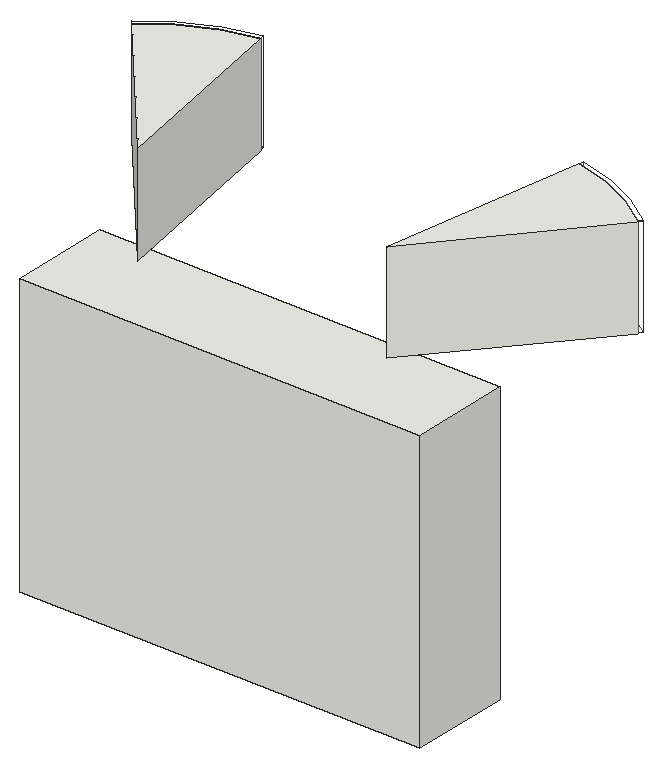
Revit family "5b37ea9227d84ddfae1d1feba96661d2", category Lighting Fixtures, host Wall, Revit 2021
Family settings
  Host = Wall
  Round Connector Dimension = Use Diameter
  Part Type = Normal
  OmniClass Number = 23.80.70.11.21
  OmniClass Title = Emergency Lighting
  Seek Item ID = Emergency Wall Light-0000-USA-ENU
  Always vertical = Yes
  Cut with Voids When Loaded = No
  Light Source = No
  Shared = No
  Room Calculation Point = No
Parameters (values of type "120V")
  built-in parameter 1150142 = (empty or 0)
  Load Classification = Lighting - Dwelling Unit
  Lamp = "A-19"
  Diffuser = Glass, White, High Luminance
  Default Elevation = 0' - 0"
  Ballast Voltage = 120 V
  Ballast Number of Poles = 1
  Assembly Code = "D5090200"
  Light Casing = Steel, Paint Finish, Ivory, Glossy
  Mounting Height = 7' - 0"
  Wattage Comments = "100"
  Apparent Load = 100 VA
Types (3): name | Ballast Voltage
  (no name) | 120 V
  120V | 120 V
  277V | 277 V
Reference planes (in)
  plane 1: y = 0
  plane 2 "Light Source Axis": x = 0
  plane 3 "Light Source Elevation": z = 84
  plane 4 "Light Source Axis": y = 6.63636
  plane 5: y = 4.13636
  plane 6: y = 5.44886
  plane 7: z = 89.25
  plane 8: x = -5.22154
  plane 9: x = 5.22154
  plane 10: y = 10.10511
  plane 11: z = 90.5
  plane 12: z = 88
Forms (in)
  Extrusion 1, solid, material "Steel, Paint Finish, Ivory, Glossy" <- "Light Casing"
    sketch origin (-83.42582, 4.13636, 0) x (-1, 0, 0) y (0, 0, 1)
      loop
        line (-88.42582, 80.5) -> (-78.42582, 80.5) -> (-78.42582, 87.5) -> (-88.42582, 87.5) -> (-88.42582, 80.5)
    from 0 to 2.5
  Extrusion 2, solid, material "Glass, White, High Luminance" <- "Diffuser"
    sketch origin (0, 0, 0) x (1, 0, 0) y (0, 1, 0)
      loop
        line (-3.97669, 10.37885) -> (-3.99839, 10.50195)
        arc (-3.99839, 10.50195) -> (-5.27436, 10.09964) -> (-6.40273, 9.38079) r 5.125
        line (-6.40273, 9.38079) -> (-6.32238, 9.28503)
        arc (-6.32238, 9.28503) -> (-5.22154, 9.98635) -> (-3.97669, 10.37885) r 5
      loop
        line (6.32238, 9.28503) -> (6.40273, 9.38079)
        arc (6.40273, 9.38079) -> (5.27436, 10.09964) -> (3.99839, 10.50195) r 5.125
        line (3.99839, 10.50195) -> (3.97669, 10.37885)
        arc (3.97669, 10.37885) -> (5.22154, 9.98635) -> (6.32238, 9.28503) r 5
    from 88 to 90.5
  Extrusion 3, solid, material "Steel, Paint Finish, Ivory, Glossy" <- "Light Casing"
    sketch origin (0, 0, 0) x (1, 0, 0) y (0, 1, 0)
      loop
        line (-6.32238, 9.28503) -> (-3.10845, 5.45481) -> (-3.97669, 10.37885)
        arc (-3.97669, 10.37885) -> (-5.22154, 9.98635) -> (-6.32238, 9.28503) r 5
      loop
        line (3.97669, 10.37885) -> (3.10845, 5.45481) -> (6.32238, 9.28503)
        arc (6.32238, 9.28503) -> (5.22154, 9.98635) -> (3.97669, 10.37885) r 5
    from 88 to 90.5
Lines and regions (in)
  symbolic lines
    curve 1: line (-5, 4.13636, 0) -> (5, 4.13636, 0)
    curve 2: line (-5, 4.13636, 0) -> (-5, 6.63636, 0)
    curve 3: line (-5, 6.63636, 0) -> (5, 6.63636, 0)
    curve 4: line (5, 4.13636, 0) -> (5, 6.63636, 0)
    curve 5: line (5, 6.63636, 0) -> (4.47906, 9.59078, 0)
    curve 6: line (5, 6.63636, 0) -> (6.92836, 8.93449, 0)
    curve 7: line (6.92836, 8.93449, 0) -> (4.47906, 9.59078, 0)
    curve 8: line (-5, 6.63636, 0) -> (-6.92836, 8.93449, 0)
    curve 9: line (-5, 6.63636, 0) -> (-4.47906, 9.59078, 0)
    curve 10: line (-4.47906, 9.59078, 0) -> (-6.92836, 8.93449, 0)
  symbolic lines, detail levels coarse+medium
    curve 11: line (-5, 4.13636, 0) -> (5, 6.63636, 0)
Text (in)
  text "Front" at (0, 40.15149, 123.01588), in view "Right"
  text "Front" at (0, 35.16976, 110.00693), in view "Left"
Dimensions and locks (in)
  locked: host wall to plane 4 "Light Source Axis" at 2.5
  "Mounting Height": level to plane 3 "Light Source Elevation"
  plane 6 to host wall = 0' - 1 5/16"
  locked: plane 7 to plane 3 "Light Source Elevation" at 5.25
  equal spacing: plane 8, plane 2 "Light Source Axis", plane 9, locked at 5.22154 each
  locked: plane 10 to plane 5 at 5.96875
  equal spacing: plane 11, plane 7, plane 12
  locked: plane 11 to plane 7 at 1.25
  aligned and locked: plane 5 to host wall
  aligned and locked: plane 5 to curve 1
  aligned and locked: nested 1 to plane 7
  aligned and locked: nested 1 to plane 10
  aligned and locked: nested 1 to plane 8
  aligned and locked: nested 2 to plane 10
  aligned and locked: nested 2 to plane 9
  aligned and locked: nested 2 to plane 7
  aligned and locked: Extrusion 3 sketch curve to Extrusion 2  (x2)
  aligned and locked: Extrusion 3 to plane 12
  aligned and locked: plane 11 to Extrusion 3
  aligned and locked: plane 11 to Extrusion 2
  aligned and locked: Extrusion 2 to plane 12
Automatic sketch dimensions
  plane 2 "Light Source Axis" to Extrusion 1 sketch curve = 0' - 5"
  Extrusion 1 sketch curve to plane 2 "Light Source Axis" = 0' - 5"
  plane 3 "Light Source Elevation" to Extrusion 1 sketch curve = 0' - 3 1/2"
  Extrusion 1 sketch curve to plane 3 "Light Source Elevation" = 0' - 3 1/2"
  curve 2 to plane 4 "Light Source Axis" = 0' - 0"
  curve 11 to host wall = 0' - 0"
  curve 11 to plane 4 "Light Source Axis" = 0' - 0"
  curve 10 to plane 4 "Light Source Axis" = 0' - 2.29813"
  curve 10 to plane 2 "Light Source Axis" = 0' - 6.92836"
  curve 8 to curve 2 = 0' - 1.92836"
  curve 11 to curve 1 = 0' - 0"
  curve 8 to curve 10 = 0' - 2.44931"
  plane 2 "Light Source Axis" to curve 5 = 0' - 4.47906"
  curve 5 to curve 5 = 0' - 0.52094"
  curve 11 to curve 3 = 0' - 0"
  curve 7 to plane 4 "Light Source Axis" = 0' - 2.29813"
  curve 5 to curve 7 = 0' - 2.44931"
  curve 8 to curve 10 = 0' - 0.65629"
  curve 6 to curve 7 = 0' - 0.65629"
  Extrusion 2 sketch curve to Extrusion 2 sketch curve = 0' - 0"  (x4)
  plane 10 to Extrusion 2 sketch curve = 0' - 0.27374"  (x2)
  plane 10 to Extrusion 2 sketch curve = 0' - 0.39684"  (x2)
  Extrusion 2 sketch curve to Extrusion 2 sketch curve = 0' - 0.02171"  (x2)
  Extrusion 2 sketch curve to plane 10 = 0' - 0.82008"
  Extrusion 2 sketch curve to plane 10 = 0' - 0.72432"
  Extrusion 2 sketch curve to plane 9 = 0' - 1.10085"
  Extrusion 2 sketch curve to Extrusion 2 sketch curve = 0' - 0.08035"
  plane 6 to Extrusion 3 sketch curve = 0' - 0.00595"  (x2)
  Extrusion 3 sketch curve to Extrusion 3 sketch curve = 0' - 0"  (x2)
  plane 10 to Extrusion 3 sketch curve = 0' - 0.27374"  (x2)
  Extrusion 3 sketch curve to plane 10 = 0' - 0.82008"  (x2)
Nested families (in)
  nested 1: "Light Source" at (14.11289, 10.10511, 89.25) x (0, -1, 0) z (0, 0, 1), type "Light Source 1"
  nested 2: "Light Source" at (5.22154, 29.43954, 89.25), type "Light Source 2"
Connectors (in)
  electrical at (0, 4.13636, 84), driven by "Apparent Load", driven by "Ballast Voltage", driven by "Ballast Number of Poles", driven by "Load Classification"
    settings: on Extrusion 1, index 1, voltage 120 V, apparent load 0 VA, apparent load phase1 100 VA, apparent load phase2 0 VA, apparent load phase3 0 VA, power factor 0.95, load classification "Lighting - Dwelling Unit", number of poles 1, system type 31, power factor state 1, is connector primary yes, connector utility no, sub classification motor no, connector description ""
Definition of nested family "Light Source"
  Parameters
    Wattage = 50 W
    built-in parameter 1150110 = 1 (stored number, unit not read)
    built-in parameter 1114217 = 1 (stored number, unit not read)
    built-in parameter 1150109 = 1 (stored number, unit not read)
    built-in parameter 1150134 = 4
    built-in parameter 1150113 = 1 (stored number, unit not read)
    Tilt Angle = 0.00°
    built-in parameter 1010507 = 1.5708 (stored number, unit not read)
    built-in parameter 1010506 = 0.5236 (stored number, unit not read)
    Lumens = 780 lm
    built-in parameter 1150115 = 1 (stored number, unit not read)
    built-in parameter 1150105 = 2608 (stored number, unit not read)
    Light Source Symbol Length = 5' - 0"
    built-in parameter 1150137 = 1
    built-in parameter 1150139 = (empty or 0)
    built-in parameter 1150112 = 1 (stored number, unit not read)
    built-in parameter 1150114 = 1 (stored number, unit not read)
    built-in parameter 1150132 = (empty or 0)
    built-in parameter 1150102 = (empty or 0)
    built-in parameter 1150138 = (empty or 0)
    built-in parameter 1150107 = 2800 (stored number, unit not read)
    built-in parameter 1150106 = 26.08 (stored number, unit not read)
    built-in parameter 1150104 = 1.4493 (stored number, unit not read)
    Dimming Lamp Color Temperature Shift = (empty or 0)
    Default Elevation = 0' - 0"
    Color Filter = 16777215
    built-in parameter 1114218 = 1 (stored number, unit not read)
    built-in parameter 1150133 = 10 (stored number, unit not read)
    Assembly Code = ""
  Reference planes (in)
    plane 1 "Light Source Axis (F/B)": z = 0
    plane 2: z = 0
    plane 3 "Light Source Axis (L/R)": x = 0
    plane 4 "Light Source Elevation": y = -19.33443
  Lines and regions (in)
    reference lines
      curve 1: line (-38.24181, -19.33443, 0) -> (67.63248, -19.33443, 0)
      curve 2: line (0, 60, 0) -> (0, -60, 0)
  Dimensions and locks (in)
    aligned and locked: imposter light to plane 3 "Light Source Axis (L/R)"
    aligned and locked: imposter light to plane 1 "Light Source Axis (F/B)"
    aligned and locked: imposter light to plane 4 "Light Source Elevation"
    aligned and locked: curve 1 to plane 4 "Light Source Elevation"
    aligned and locked: curve 2 to plane 3 "Light Source Axis (L/R)"
    aligned and locked: imposter light to plane 2
